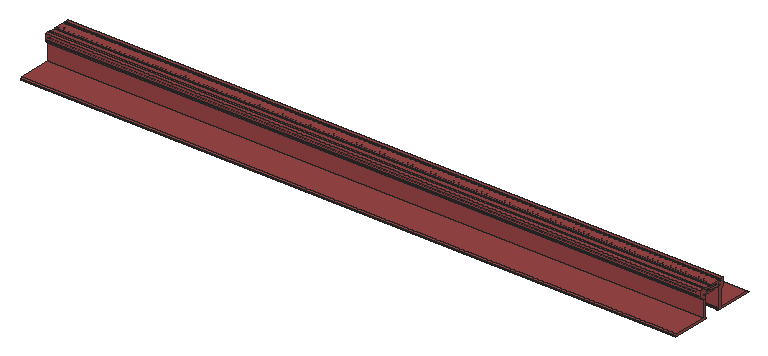
Revit family "NOVOJUNTA PRO METAL 30 2500 mm", category Generic Models, Revit 2015
Parameters (values of type "NJPM30AL50NA25")
  Product data url = "https://www.bimobject.com/emac/product/njpm30al"
  Product Material = Finish_Emac_Aluminum-Off-Natural-11
  Product Guid = "76e92548-d08a-4215-8e50-40a2531a22e2"
  Model = "NOVOJUNTA PRO METAL 30"
  Manufacturer = "EMAC"
  built-in parameter 1001306 [instance] = 1200 mm
  Edition number = 1
  Description = "NOVOJUNTA PRO METAL 30 H50"
  50mm = yes
  22mm = no
Types (3, lengths in mm): name | Description | 50mm | 22mm
  (no name) | "NOVOJUNTA PRO METAL 30 H50" | yes | no
  NJPM30AL22NA25 | "NOVOJUNTA PRO METAL 30 H22" | no | yes
  NJPM30AL50NA25 | "NOVOJUNTA PRO METAL 30 H50" | yes | no
Reference planes
  plane 1 "Center (Front/Back)": y = 0
  plane 2: z = 0
  plane 3 "Left": x = 0
  plane 4 "Right": x = 1200
Forms (mm)
  Sweep 1, solid, material "Finish_Emac_Aluminum-Off-Natural-11" <- "Product Material", visible <- "50mm"
    path origin (0, 0, 0) x (1, 0, 0) y (0, 1, 0)
      loop
        line (0, 0) -> (1200, 0)
    profile origin (600, 0, 0) x (0, 1, 0) y (0, 0, 1)
      loop
        line (102.5, 31.707) -> (107.732, 37.942)
        arc (107.732, 37.942) -> (108.079, 38.544) -> (108.2, 39.228) r 2
        line (108.2, 39.228) -> (108.2, 50) -> (102.592, 50)
        arc (102.592, 50) -> (102.301, 49.775) -> (102.446, 49.438) r 0.3
        arc (102.446, 49.438) -> (104.143, 47.991) -> (105.147, 46) r 5.65
        line (105.147, 46) -> (102.413, 46)
        arc (102.413, 46) -> (96.6, 44.5) -> (102.413, 43) r 3.1
        line (102.413, 43) -> (105.147, 43)
        arc (105.147, 43) -> (103.632, 40.443) -> (101.029, 39.009) r 5.65
        arc (101.029, 39.009) -> (99.928, 38.301) -> (99.5, 37.065) r 2
        line (99.5, 37.065) -> (99.5, 3.528)
        arc (99.5, 3.528) -> (99.348, 2.763) -> (98.914, 2.114) r 2
        line (98.914, 2.114) -> (98, 1.2) -> (98, 0) -> (166, 0) -> (166, 1) -> (162.5, 3) -> (102.5, 3) -> (102.5, 31.707)
      loop
        arc (66.5, 37.065) -> (66.072, 38.301) -> (64.971, 39.009) r 2
        arc (64.971, 39.009) -> (62.368, 40.443) -> (60.853, 43) r 5.65
        line (60.853, 43) -> (63.587, 43)
        arc (63.587, 43) -> (69.4, 44.5) -> (63.587, 46) r 3.1
        line (63.587, 46) -> (60.853, 46)
        arc (60.853, 46) -> (61.857, 47.991) -> (63.554, 49.438) r 5.65
        arc (63.554, 49.438) -> (63.699, 49.775) -> (63.408, 50) r 0.3
        line (63.408, 50) -> (57.8, 50) -> (57.8, 39.228)
        arc (57.8, 39.228) -> (57.921, 38.544) -> (58.268, 37.942) r 2
        line (58.268, 37.942) -> (63.5, 31.707) -> (63.5, 3) -> (3.5, 3) -> (0, 1) -> (0, 0) -> (68, 0) -> (68, 1.2) -> (67.086, 2.114)
        arc (67.086, 2.114) -> (66.652, 2.763) -> (66.5, 3.528) r 2
        line (66.5, 3.528) -> (66.5, 37.065)
  Sweep 2, solid, material "Finish_Emac_Aluminum-Off-Natural-11" <- "Product Material", visible <- "22mm"
    path origin (0, 0, 0) x (1, 0, 0) y (0, 1, 0)
      loop
        line (0, 0) -> (1200, 0)
    profile origin (600, 0, 0) x (0, 1, 0) y (0, 0, 1)
      loop
        line (83.907, 8.533) -> (89.732, 11.369)
        arc (89.732, 11.369) -> (90.079, 11.97) -> (90.2, 12.654) r 2
        line (90.2, 12.654) -> (90.2, 22) -> (84.592, 22)
        arc (84.592, 22) -> (84.301, 21.775) -> (84.446, 21.438) r 0.3
        arc (84.446, 21.438) -> (86.143, 19.991) -> (87.147, 18) r 5.65
        line (87.147, 18) -> (84.413, 18)
        arc (84.413, 18) -> (78.6, 16.5) -> (84.413, 15) r 3.1
        line (84.413, 15) -> (87.147, 15)
        arc (87.147, 15) -> (85.632, 12.443) -> (83.029, 11.009) r 5.65
        arc (83.029, 11.009) -> (81.928, 10.301) -> (81.5, 9.065) r 2
        line (81.5, 9.065) -> (81.5, 3.528)
        arc (81.5, 3.528) -> (81.348, 2.763) -> (80.914, 2.114) r 2
        line (80.914, 2.114) -> (80, 1.2) -> (80, 0) -> (130, 0) -> (130, 1) -> (126.5, 3) -> (83.907, 3) -> (83.907, 8.533)
      loop
        arc (48.5, 9.065) -> (48.072, 10.301) -> (46.971, 11.009) r 2
        arc (46.971, 11.009) -> (44.368, 12.443) -> (42.853, 15) r 5.65
        line (42.853, 15) -> (45.587, 15)
        arc (45.587, 15) -> (51.4, 16.5) -> (45.587, 18) r 3.1
        line (45.587, 18) -> (42.853, 18)
        arc (42.853, 18) -> (43.857, 19.991) -> (45.554, 21.438) r 5.65
        arc (45.554, 21.438) -> (45.699, 21.775) -> (45.408, 22) r 0.3
        line (45.408, 22) -> (39.8, 22) -> (39.8, 12.654)
        arc (39.8, 12.654) -> (39.921, 11.97) -> (40.268, 11.369) r 2
        line (40.268, 11.369) -> (46.093, 8.533) -> (46.093, 3) -> (3.5, 3) -> (0, 1) -> (0, 0) -> (50, 0) -> (50, 1.2) -> (49.086, 2.114)
        arc (49.086, 2.114) -> (48.652, 2.763) -> (48.5, 3.528) r 2
        line (48.5, 3.528) -> (48.5, 9.065)
  Sweep 3, solid, material "Finish_Emac_Aluminum-Off-Natural-11" <- "Product Material", visible <- "50mm"
    path origin (0, 0, 0) x (1, 0, 0) y (0, 1, 0)
      loop
        line (0, 0) -> (1200, 0)
    profile origin (600, 0, 0) x (0, 1, 0) y (0, 0, 1)
      loop
        arc (102.38, 42.575) -> (96.405, 44.676) -> (102.57, 46.129) r 3.3
        line (102.57, 46.129) -> (104.734, 46.588)
        arc (104.734, 46.588) -> (102.745, 49.02) -> (99.743, 49.95) r 5.45
        line (99.743, 49.95) -> (79.838, 50.107)
        arc (79.838, 50.107) -> (79.043, 49.368) -> (79.734, 48.531) r 0.791
        line (79.734, 48.531) -> (94.829, 46.664) -> (94.375, 42.992) -> (79.389, 44.846)
        arc (79.389, 44.846) -> (78.725, 44.662) -> (78.385, 44.063) r 0.9
        line (78.385, 44.063) -> (78.201, 42.575)
        arc (78.201, 42.575) -> (78.385, 41.911) -> (78.984, 41.571) r 0.9
        line (78.984, 41.571) -> (99.031, 39.091)
        arc (99.031, 39.091) -> (102.188, 39.651) -> (104.484, 41.889) r 5.45
        line (104.484, 41.889) -> (102.38, 42.575)
      loop
        line (87.016, 47.429) -> (66.969, 49.909)
        arc (66.969, 49.909) -> (63.812, 49.349) -> (61.516, 47.111) r 5.45
        line (61.516, 47.111) -> (63.62, 46.425)
        arc (63.62, 46.425) -> (69.595, 44.324) -> (63.43, 42.871) r 3.3
        line (63.43, 42.871) -> (61.266, 42.412)
        arc (61.266, 42.412) -> (63.255, 39.98) -> (66.257, 39.05) r 5.45
        line (66.257, 39.05) -> (86.162, 38.893)
        arc (86.162, 38.893) -> (86.957, 39.632) -> (86.266, 40.469) r 0.791
        line (86.266, 40.469) -> (71.171, 42.336) -> (71.625, 46.008) -> (86.611, 44.154)
        arc (86.611, 44.154) -> (87.275, 44.338) -> (87.615, 44.937) r 0.9
        line (87.615, 44.937) -> (87.799, 46.425)
        arc (87.799, 46.425) -> (87.615, 47.089) -> (87.016, 47.429) r 0.9
  Sweep 4, solid, material "Finish_Emac_Aluminum-Off-Natural-11" <- "Product Material", visible <- "22mm"
    path origin (0, 0, 0) x (1, 0, 0) y (0, 1, 0)
      loop
        line (0, 0) -> (1200, 0)
    profile origin (600, 0, 0) x (0, 1, 0) y (0, 0, 1)
      loop
        arc (84.397, 14.537) -> (78.421, 16.638) -> (84.586, 18.092) r 3.3
        line (84.586, 18.092) -> (86.751, 18.55)
        arc (86.751, 18.55) -> (84.762, 20.983) -> (81.76, 21.912) r 5.45
        line (81.76, 21.912) -> (61.855, 22.069)
        arc (61.855, 22.069) -> (61.059, 21.33) -> (61.751, 20.494) r 0.791
        line (61.751, 20.494) -> (76.846, 18.627) -> (76.391, 14.955) -> (61.406, 16.808)
        arc (61.406, 16.808) -> (60.742, 16.625) -> (60.402, 16.026) r 0.9
        line (60.402, 16.026) -> (60.218, 14.537)
        arc (60.218, 14.537) -> (60.401, 13.873) -> (61.001, 13.533) r 0.9
        line (61.001, 13.533) -> (81.048, 11.054)
        arc (81.048, 11.054) -> (84.205, 11.614) -> (86.501, 13.852) r 5.45
        line (86.501, 13.852) -> (84.397, 14.537)
      loop
        line (69.033, 19.392) -> (48.986, 21.871)
        arc (48.986, 21.871) -> (45.829, 21.311) -> (43.533, 19.073) r 5.45
        line (43.533, 19.073) -> (45.637, 18.388)
        arc (45.637, 18.388) -> (51.612, 16.287) -> (45.447, 14.833) r 3.3
        line (45.447, 14.833) -> (43.282, 14.375)
        arc (43.282, 14.375) -> (45.272, 11.942) -> (48.274, 11.013) r 5.45
        line (48.274, 11.013) -> (68.179, 10.856)
        arc (68.179, 10.856) -> (68.974, 11.595) -> (68.282, 12.431) r 0.791
        line (68.282, 12.431) -> (53.188, 14.298) -> (53.642, 17.97) -> (68.628, 16.117)
        arc (68.628, 16.117) -> (69.292, 16.3) -> (69.632, 16.899) r 0.9
        line (69.632, 16.899) -> (69.816, 18.388)
        arc (69.816, 18.388) -> (69.632, 19.052) -> (69.033, 19.392) r 0.9
Lines and regions (mm)
  reference lines
    curve 1: line (0, 0, 0) -> (1200, 0, 0)
Dimensions and locks
  "built-in parameter 1001306": plane 3 "Left" to plane 4 "Right"
  aligned and locked: plane 4 "Right" to curve 1
  aligned and locked: plane 1 "Center (Front/Back)" to curve 1
  aligned and locked: plane 3 "Left" to curve 1
  aligned and locked: level to plane 2
  aligned and locked: curve 1 to Sweep 1 sketch curve
  aligned and locked: plane 3 "Left" to Sweep 1 sketch curve
  aligned and locked: plane 4 "Right" to Sweep 1 sketch curve
  aligned and locked: curve 1 to Sweep 2 sketch curve
  aligned and locked: plane 3 "Left" to Sweep 2 sketch curve
  aligned and locked: plane 4 "Right" to Sweep 2 sketch curve
  aligned and locked: curve 1 to Sweep 3 sketch curve
  aligned and locked: plane 3 "Left" to Sweep 3 sketch curve
  aligned and locked: plane 4 "Right" to Sweep 3 sketch curve
  aligned and locked: curve 1 to Sweep 4 sketch curve
  aligned and locked: plane 3 "Left" to Sweep 4 sketch curve
  aligned and locked: plane 4 "Right" to Sweep 4 sketch curve
Automatic sketch dimensions
  Sweep 1 sketch curve to Sweep 1 sketch curve = 0 mm  (x10)
  Sweep 1 sketch curve to profile plane = 0 mm
  Sweep 1 sketch curve to level = 0 mm  (x2)
  Sweep 1 sketch curve to profile plane = 3.5 mm
  Sweep 1 sketch curve to profile plane = 57.8 mm
  level to Sweep 1 sketch curve = 37.942 mm  (x2)
  Sweep 1 sketch curve to Sweep 1 sketch curve = 0.468 mm  (x2)
  Sweep 1 sketch curve to Sweep 1 sketch curve = 2 mm  (x3)
  Sweep 1 sketch curve to Sweep 1 sketch curve = 1.053 mm  (x2)
  Sweep 1 sketch curve to Sweep 1 sketch curve = 2.555 mm
  level to Sweep 1 sketch curve = 31.707 mm
  Sweep 1 sketch curve to Sweep 1 sketch curve = 5.232 mm
  Sweep 1 sketch curve to Sweep 1 sketch curve = 2.734 mm  (x4)
  Sweep 1 sketch curve to Sweep 1 sketch curve = 4.7 mm
  Sweep 1 sketch curve to Sweep 1 sketch curve = 2.713 mm  (x2)
  level to Sweep 1 sketch curve = 2.114 mm  (x2)
  Sweep 1 sketch curve to Sweep 1 sketch curve = 0.586 mm
  level to Sweep 1 sketch curve = 1.2 mm  (x2)
  Sweep 1 sketch curve to Sweep 1 sketch curve = 0.914 mm  (x2)
  Sweep 1 sketch curve to Sweep 1 sketch curve = 1.414 mm
  level to Sweep 1 sketch curve = 3.528 mm
  Sweep 1 sketch curve to Sweep 1 sketch curve = 29 mm
  Sweep 1 sketch curve to Sweep 1 sketch curve = 0.5 mm
  Sweep 1 sketch curve to Sweep 1 sketch curve = 0.2 mm
  Sweep 1 sketch curve to Sweep 1 sketch curve = 3 mm
  Sweep 1 sketch curve to Sweep 1 sketch curve = 0.179 mm
  Sweep 1 sketch curve to Sweep 1 sketch curve = 1.532 mm
  level to Sweep 1 sketch curve = 3 mm  (x2)
  Sweep 1 sketch curve to Sweep 1 sketch curve = 60 mm
  level to Sweep 1 sketch curve = 1 mm  (x2)
  Sweep 1 sketch curve to Sweep 1 sketch curve = 3.5 mm
  Sweep 1 sketch curve to Sweep 1 sketch curve = 6.235 mm
  Sweep 1 sketch curve to Sweep 1 sketch curve = 2.163 mm  (x2)
  Sweep 1 sketch curve to Sweep 1 sketch curve = 3.772 mm  (x2)
  Sweep 1 sketch curve to Sweep 1 sketch curve = 1.5 mm  (x2)
  Sweep 1 sketch curve to Sweep 1 sketch curve = 3.7 mm  (x2)
  Sweep 1 sketch curve to Sweep 1 sketch curve = 4 mm
  Sweep 1 sketch curve to Sweep 1 sketch curve = 0.3 mm
  Sweep 3 sketch curve to Sweep 3 sketch curve = 0 mm  (x14)
  Sweep 3 sketch curve to Sweep 3 sketch curve = 0.25 mm
  Sweep 3 sketch curve to Sweep 3 sketch curve = 2.165 mm
  level to Sweep 3 sketch curve = 46.425 mm
  Sweep 3 sketch curve to Sweep 3 sketch curve = 2.104 mm
  level to Sweep 3 sketch curve = 39.05 mm
  Sweep 3 sketch curve to Sweep 3 sketch curve = 2.827 mm
  Sweep 3 sketch curve to Sweep 3 sketch curve = 2.87 mm  (x2)
  Sweep 3 sketch curve to Sweep 3 sketch curve = 3.349 mm
  Sweep 3 sketch curve to Sweep 3 sketch curve = 4.871 mm  (x2)
  level to Sweep 3 sketch curve = 46.008 mm
  Sweep 3 sketch curve to Sweep 3 sketch curve = 0.454 mm  (x2)
  Sweep 3 sketch curve to Sweep 3 sketch curve = 7.03 mm
  Sweep 3 sketch curve to Sweep 3 sketch curve = 0.184 mm  (x2)
  level to Sweep 3 sketch curve = 41.571 mm
  Sweep 3 sketch curve to Sweep 3 sketch curve = 0.783 mm
  Sweep 3 sketch curve to Sweep 3 sketch curve = 0.11 mm  (x5)
  Sweep 3 sketch curve to Sweep 3 sketch curve = 0.893 mm  (x5)
  Sweep 3 sketch curve to Sweep 3 sketch curve = 0.346 mm  (x2)
  Sweep 3 sketch curve to Sweep 3 sketch curve = 0.097 mm  (x2)
  level to Sweep 3 sketch curve = 50.107 mm
  Sweep 3 sketch curve to Sweep 3 sketch curve = 0.006 mm  (x2)
  level to Sweep 3 sketch curve = 38.893 mm
  Sweep 3 sketch curve to Sweep 3 sketch curve = 7.178 mm
  level to Sweep 3 sketch curve = 44.937 mm
  level to Sweep 3 sketch curve = 42.992 mm
  Sweep 3 sketch curve to Sweep 3 sketch curve = 6.76 mm
  level to Sweep 3 sketch curve = 46.664 mm
  level to Sweep 3 sketch curve = 39.091 mm
  Sweep 3 sketch curve to Sweep 3 sketch curve = 4.656 mm
  level to Sweep 3 sketch curve = 49.95 mm
  Sweep 3 sketch curve to Sweep 3 sketch curve = 0.043 mm
  level to Sweep 3 sketch curve = 42.575 mm
  Sweep 3 sketch curve to Sweep 3 sketch curve = 2.68 mm
  level to Sweep 3 sketch curve = 46.129 mm
  level to Sweep 3 sketch curve = 41.889 mm
  level to Sweep 3 sketch curve = 46.588 mm
  Sweep 3 sketch curve to Sweep 3 sketch curve = 0.791 mm
  Sweep 3 sketch curve to Sweep 3 sketch curve = 4.013 mm
  Sweep 3 sketch curve to Sweep 3 sketch curve = 1.489 mm
  Sweep 3 sketch curve to Sweep 3 sketch curve = 0.686 mm
  Sweep 3 sketch curve to profile plane = 61.266 mm
  Sweep 4 sketch curve to Sweep 4 sketch curve = 0 mm  (x12)
  Sweep 4 sketch curve to profile plane = 43.282 mm
  Sweep 4 sketch curve to Sweep 4 sketch curve = 0.25 mm
  Sweep 4 sketch curve to Sweep 4 sketch curve = 2.165 mm
  Sweep 4 sketch curve to Sweep 4 sketch curve = 2.104 mm
  Sweep 4 sketch curve to Sweep 4 sketch curve = 2.827 mm
  Sweep 4 sketch curve to Sweep 4 sketch curve = 2.68 mm  (x2)
  Sweep 4 sketch curve to Sweep 4 sketch curve = 3.349 mm
  Sweep 4 sketch curve to Sweep 4 sketch curve = 4.871 mm  (x2)
  level to Sweep 4 sketch curve = 17.97 mm
  Sweep 4 sketch curve to Sweep 4 sketch curve = 0.454 mm  (x2)
  Sweep 4 sketch curve to Sweep 4 sketch curve = 7.03 mm
  Sweep 4 sketch curve to Sweep 4 sketch curve = 0.184 mm  (x2)
  level to Sweep 4 sketch curve = 13.533 mm
  Sweep 4 sketch curve to Sweep 4 sketch curve = 0.783 mm
  Sweep 4 sketch curve to Sweep 4 sketch curve = 0.11 mm  (x5)
  Sweep 4 sketch curve to Sweep 4 sketch curve = 0.893 mm  (x5)
  Sweep 4 sketch curve to Sweep 4 sketch curve = 0.346 mm  (x2)
  Sweep 4 sketch curve to Sweep 4 sketch curve = 0.097 mm  (x2)
  Sweep 4 sketch curve to Sweep 4 sketch curve = 0.006 mm  (x2)
  level to Sweep 4 sketch curve = 10.856 mm
  Sweep 4 sketch curve to Sweep 4 sketch curve = 7.178 mm
  level to Sweep 4 sketch curve = 16.899 mm
  level to Sweep 4 sketch curve = 14.955 mm
  Sweep 4 sketch curve to Sweep 4 sketch curve = 6.76 mm
  level to Sweep 4 sketch curve = 18.627 mm
  level to Sweep 4 sketch curve = 11.054 mm
  Sweep 4 sketch curve to Sweep 4 sketch curve = 4.656 mm
  level to Sweep 4 sketch curve = 21.912 mm
  Sweep 4 sketch curve to Sweep 4 sketch curve = 0.043 mm
  level to Sweep 4 sketch curve = 14.537 mm
  level to Sweep 4 sketch curve = 18.092 mm
  Sweep 4 sketch curve to Sweep 4 sketch curve = 2.87 mm
  level to Sweep 4 sketch curve = 13.852 mm
  level to Sweep 4 sketch curve = 18.55 mm
  Sweep 4 sketch curve to Sweep 4 sketch curve = 6.958 mm
  Sweep 4 sketch curve to Sweep 4 sketch curve = 0.791 mm
  Sweep 4 sketch curve to Sweep 4 sketch curve = 3.362 mm
  Sweep 4 sketch curve to Sweep 4 sketch curve = 0.458 mm
  Sweep 4 sketch curve to Sweep 4 sketch curve = 1.489 mm
  Sweep 4 sketch curve to Sweep 4 sketch curve = 0.686 mm
  Sweep 4 sketch curve to Sweep 4 sketch curve = 0.785 mm
  Sweep 2 sketch curve to Sweep 2 sketch curve = 0 mm  (x10)
  Sweep 2 sketch curve to level = 0 mm  (x2)
  Sweep 2 sketch curve to profile plane = 0 mm
  Sweep 2 sketch curve to profile plane = 3.5 mm
  level to Sweep 2 sketch curve = 12.654 mm
  Sweep 2 sketch curve to Sweep 2 sketch curve = 36.3 mm  (x2)
  Sweep 2 sketch curve to Sweep 2 sketch curve = 3.053 mm
  level to Sweep 2 sketch curve = 11.369 mm  (x2)
  Sweep 2 sketch curve to Sweep 2 sketch curve = 0.468 mm  (x2)
  Sweep 2 sketch curve to Sweep 2 sketch curve = 5.608 mm
  Sweep 2 sketch curve to Sweep 2 sketch curve = 3.787 mm
  Sweep 2 sketch curve to Sweep 2 sketch curve = 2.734 mm  (x3)
  Sweep 2 sketch curve to Sweep 2 sketch curve = 6.232 mm
  Sweep 2 sketch curve to Sweep 2 sketch curve = 2.713 mm  (x2)
  Sweep 2 sketch curve to Sweep 2 sketch curve = 2 mm  (x2)
  level to Sweep 2 sketch curve = 2.114 mm  (x2)
  Sweep 2 sketch curve to Sweep 2 sketch curve = 0.586 mm
  Sweep 2 sketch curve to Sweep 2 sketch curve = 2.407 mm  (x2)
  Sweep 2 sketch curve to Sweep 2 sketch curve = 0.914 mm  (x2)
  level to Sweep 2 sketch curve = 3.528 mm
  Sweep 2 sketch curve to Sweep 2 sketch curve = 29 mm
  Sweep 2 sketch curve to Sweep 2 sketch curve = 0.5 mm
  Sweep 2 sketch curve to Sweep 2 sketch curve = 0.2 mm
  Sweep 2 sketch curve to Sweep 2 sketch curve = 0.179 mm
  Sweep 2 sketch curve to Sweep 2 sketch curve = 1.053 mm
  Sweep 2 sketch curve to Sweep 2 sketch curve = 1.532 mm
  level to Sweep 2 sketch curve = 3 mm  (x2)
  Sweep 2 sketch curve to Sweep 2 sketch curve = 3.5 mm
  level to Sweep 2 sketch curve = 1 mm  (x2)
  level to Sweep 2 sketch curve = 1.2 mm  (x2)
  Sweep 2 sketch curve to Sweep 2 sketch curve = 5.533 mm
  Sweep 2 sketch curve to Sweep 2 sketch curve = 5.005 mm
  Sweep 2 sketch curve to Sweep 2 sketch curve = 0.532 mm  (x2)
  Sweep 2 sketch curve to Sweep 2 sketch curve = 2.346 mm  (x2)
  Sweep 2 sketch curve to Sweep 2 sketch curve = 1.5 mm  (x2)
  Sweep 2 sketch curve to Sweep 2 sketch curve = 3.7 mm  (x2)
  Sweep 2 sketch curve to Sweep 2 sketch curve = 0.3 mm
  Sweep 2 sketch curve to Sweep 2 sketch curve = 4 mm
  Sweep 2 sketch curve to Sweep 2 sketch curve = 0.528 mm
